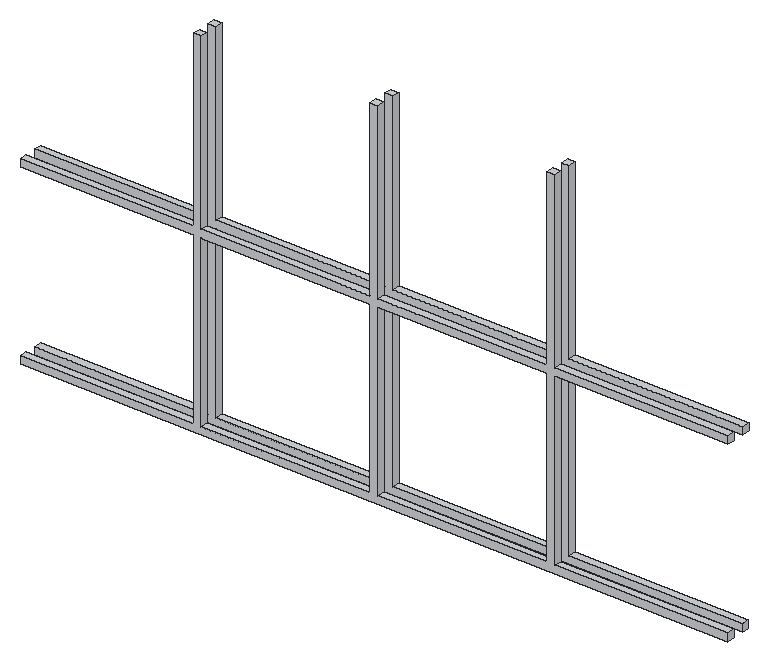
Revit family "M_Padrão do montante_fracional_2x4", category Modelos genéricos, Revit 2019
Family settings
  Pode hospedar o vergalhão = Não
  Cota do conector redondo = Utilizar diâmetro
  Tipo de parte = Normal
  Com base no plano de trabalho = Não
  Sempre na vertical = Sim
  Corte com vazios quando carregada = Não
  Compartilhado = Sim
  Ponto de cálculo do ambiente = Não
Parameters
  Largura [instance] = 1200 mm
  Espessura = 12.7 mm
  Altura [instance] = 1200 mm
  Material interior [instance] = none
  Material externo [instance] = none
  Distância = 19.05 mm
Reference planes
  plane 1 "Centro (Frente/Trás)": y = 0
  plane 2: z = 0
  plane 3 "Centro (Esquerda/Direita)": x = 0
  plane 4: z = 1200
  plane 5: x = -600
  plane 6: x = 600
  plane 7 "a": y = 9.525
  plane 8 "b": y = -9.525
  plane 9: z = 600
  plane 10: x = -300
  plane 11: x = -306.35
  plane 12: x = -293.65
  plane 13: x = 0
  plane 14: x = -6.35
  plane 15: x = 6.35
  plane 16: x = 300
  plane 17: x = 293.65
  plane 18: x = 306.35
  plane 19: z = 900
  plane 20: z = 906.35
  plane 21: z = 893.65
  plane 22: z = 606.35
  plane 23: z = 593.65
  plane 24: y = 22.225
  plane 25: y = -22.225
Forms (mm)
  Extrusion 1, solid, material <- "Material externo", detail levels fine
    sketch origin (0, 9.525, 0) x (-1, 0, 0) y (0, 0, 1)
      loop
        line (600, 906.35) -> (306.35, 906.35) -> (306.35, 1200) -> (293.65, 1200) -> (293.65, 906.35) -> (6.35, 906.35) -> (6.35, 1200) -> (-6.35, 1200) -> (-6.35, 906.35) -> (-293.65, 906.35) -> (-293.65, 1200) -> (-306.35, 1200) -> (-306.35, 906.35) -> (-600, 906.35) -> (-600, 893.65) -> (-306.35, 893.65) -> (-306.35, 606.35) -> (-600, 606.35) -> (-600, 593.65) -> (600, 593.65) -> (600, 606.35) -> (306.35, 606.35) -> (306.35, 893.65) -> (600, 893.65) -> (600, 906.35)
      loop
        line (-6.35, 606.35) -> (-6.35, 893.65) -> (-293.65, 893.65) -> (-293.65, 606.35) -> (-6.35, 606.35)
      loop
        line (293.65, 606.35) -> (293.65, 893.65) -> (6.35, 893.65) -> (6.35, 606.35) -> (293.65, 606.35)
    from 0 to 12.7
  Extrusion 2, solid, material <- "Material interior", detail levels fine
    sketch origin (0, -9.525, 0) x (-1, 0, 0) y (0, 0, 1)
      loop
        line (600, 906.35) -> (306.35, 906.35) -> (306.35, 1200) -> (293.65, 1200) -> (293.65, 906.35) -> (6.35, 906.35) -> (6.35, 1200) -> (-6.35, 1200) -> (-6.35, 906.35) -> (-293.65, 906.35) -> (-293.65, 1200) -> (-306.35, 1200) -> (-306.35, 906.35) -> (-600, 906.35) -> (-600, 893.65) -> (-306.35, 893.65) -> (-306.35, 606.35) -> (-600, 606.35) -> (-600, 593.65) -> (600, 593.65) -> (600, 606.35) -> (306.35, 606.35) -> (306.35, 893.65) -> (600, 893.65) -> (600, 906.35)
      loop
        line (-6.35, 606.35) -> (-6.35, 893.65) -> (-293.65, 893.65) -> (-293.65, 606.35) -> (-6.35, 606.35)
      loop
        line (293.65, 606.35) -> (293.65, 893.65) -> (6.35, 893.65) -> (6.35, 606.35) -> (293.65, 606.35)
    from 0 to -12.7
Lines and regions (mm)
  model lines, detail levels medium
    curve 1: line (-600, -9.525, 600) -> (600, -9.525, 600)
    curve 6: line (-600, -9.525, 900) -> (600, -9.525, 900)
    curve 7: line (-600, 9.525, 600) -> (600, 9.525, 600)
    curve 8: line (300, -9.525, 1200) -> (300, -9.525, 600)
    curve 9: line (0, -9.525, 1200) -> (0, -9.525, 600)
    curve 10: line (-300, -9.525, 1200) -> (-300, -9.525, 600)
  model lines, style "GenericModel", detail levels medium
    curve 2: line (-300, 9.525, 1200) -> (-300, 9.525, 600)
    curve 3: line (0, 9.525, 1200) -> (0, 9.525, 600)
    curve 4: line (300, 9.525, 1200) -> (300, 9.525, 600)
    curve 5: line (-600, 9.525, 900) -> (600, 9.525, 900)
Dimensions and locks
  equal spacing: plane 6, plane 3 "Centro (Esquerda/Direita)", plane 5
  "Largura": plane 6 to plane 5
  "Altura": plane 4 to plane 2
  equal spacing: plane 7 "a", plane 1 "Centro (Frente/Trás)", plane 8 "b"
  "Distância": plane 7 "a" to plane 8 "b"
  plane 12 to plane 10 to plane 11 = 6.35 mm locked, 6.35 mm locked
  locked: plane 14 to plane 13 at 6.35
  locked: plane 15 to plane 13 at 6.35
  locked: plane 18 to plane 16 at 6.35
  locked: plane 16 to plane 17 at 6.35
  equal spacing: plane 6, plane 16, plane 13, plane 10, plane 5
  equal spacing: plane 4, plane 19, plane 9
  locked: plane 20 to plane 19 at 6.35
  locked: plane 19 to plane 21 at 6.35
  plane 22 to plane 9 to plane 23 = 6.35 mm locked, 6.35 mm locked
  equal spacing: plane 4, plane 9, plane 2
  "Espessura": plane 24 to plane 7 "a"
  "Espessura": plane 8 "b" to plane 25
  aligned and locked: plane 2 to level
  aligned and locked: plane 5 to curve 1
  aligned and locked: plane 6 to curve 1
  aligned and locked: curve 1 to plane 9
  aligned and locked: curve 2 to plane 10
  aligned and locked: curve 3 to plane 13
  aligned and locked: curve 4 to plane 16
  aligned and locked: curve 5 to plane 19
  aligned and locked: plane 6 to curve 5
  aligned and locked: plane 5 to curve 5
  aligned and locked: Extrusion 1 sketch curve to plane 20
  aligned and locked: Extrusion 1 sketch curve to plane 21
  aligned and locked: Extrusion 1 sketch curve to plane 22
  aligned and locked: Extrusion 1 sketch curve to plane 23
  aligned and locked: Extrusion 1 sketch curve to plane 5
  aligned and locked: Extrusion 1 sketch curve to plane 11
  aligned and locked: Extrusion 1 sketch curve to plane 12
  aligned and locked: Extrusion 1 sketch curve to plane 14
  aligned and locked: Extrusion 1 sketch curve to plane 15
  aligned and locked: Extrusion 1 sketch curve to plane 17
  aligned and locked: Extrusion 1 sketch curve to plane 18
  aligned and locked: Extrusion 1 sketch curve to plane 6
  aligned and locked: Extrusion 1 sketch curve to plane 4
  aligned and locked: plane 7 "a" to Extrusion 1
  aligned and locked: Extrusion 1 to plane 24
  aligned and locked: Extrusion 2 to plane 25
  aligned and locked: curve 6 to plane 19
  aligned and locked: curve 8 to plane 16
  aligned and locked: curve 9 to plane 13
  aligned and locked: curve 10 to plane 10
  aligned and locked: plane 4 to curve 8
  aligned and locked: plane 4 to curve 9
  aligned and locked: plane 4 to curve 10
  aligned and locked: plane 6 to curve 7
  aligned and locked: plane 6 to curve 6
  aligned and locked: plane 5 to curve 6
  aligned and locked: plane 5 to curve 7
  aligned and locked: plane 9 to curve 8
Automatic sketch dimensions
  Extrusion 1 sketch curve to plane 6 = 0 mm
  Extrusion 1 sketch curve to plane 18 = 0 mm
  Extrusion 1 sketch curve to plane 17 = 0 mm
  Extrusion 1 sketch curve to plane 15 = 0 mm
  Extrusion 1 sketch curve to plane 14 = 0 mm
  Extrusion 1 sketch curve to plane 12 = 0 mm
  Extrusion 1 sketch curve to plane 11 = 0 mm
  Extrusion 1 sketch curve to plane 5 = 0 mm
  Extrusion 1 sketch curve to plane 22 = 0 mm  (x3)
  Extrusion 1 sketch curve to plane 21 = 0 mm  (x3)
  Extrusion 1 sketch curve to plane 20 = 0 mm  (x3)
  Extrusion 1 sketch curve to plane 4 = 0 mm  (x2)
  Extrusion 2 sketch curve to plane 6 = 0 mm  (x2)
  Extrusion 2 sketch curve to plane 18 = 0 mm  (x2)
  Extrusion 2 sketch curve to plane 4 = 0 mm  (x3)
  Extrusion 2 sketch curve to plane 17 = 0 mm  (x2)
  Extrusion 2 sketch curve to plane 15 = 0 mm  (x2)
  Extrusion 2 sketch curve to plane 14 = 0 mm  (x2)
  Extrusion 2 sketch curve to plane 12 = 0 mm  (x2)
  Extrusion 2 sketch curve to plane 11 = 0 mm  (x2)
  Extrusion 2 sketch curve to plane 5 = 0 mm  (x2)
  Extrusion 2 sketch curve to plane 23 = 0 mm
  Extrusion 2 sketch curve to plane 22 = 0 mm  (x4)
  Extrusion 2 sketch curve to plane 21 = 0 mm  (x4)
  Extrusion 2 sketch curve to plane 20 = 0 mm  (x4)
  curve 3 to plane 9 = 0 mm
  curve 4 to plane 4 = 0 mm
  curve 3 to plane 4 = 0 mm
  curve 2 to plane 4 = 0 mm
